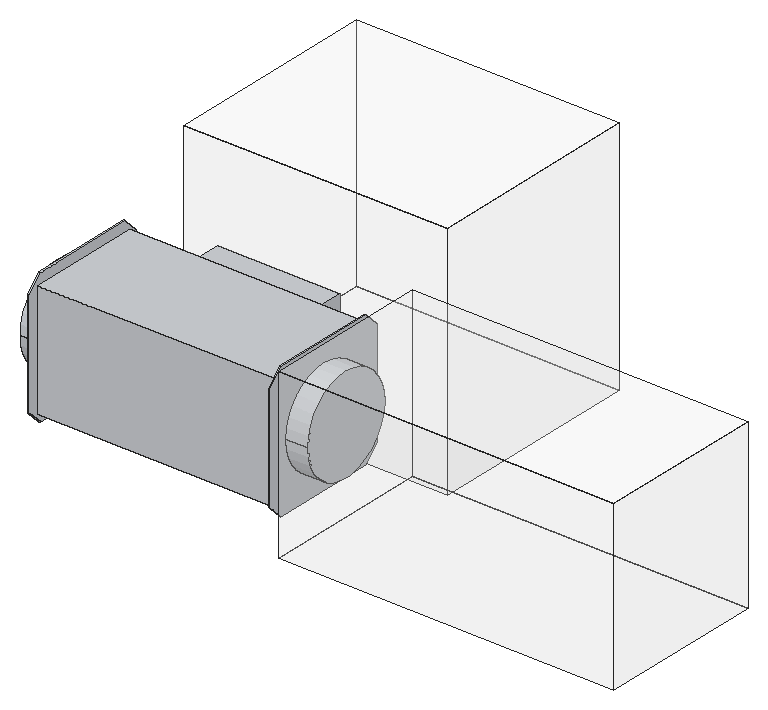
Revit family "140_VAV_変風量ユニット_丸ダクト用", category ダクト付属品, Revit 2021
Family settings
  丸型コネクタ寸法 = 直径を使用
  パーツ タイプ = 割り込み
  OmniClass 番号 = 23.75.70.11.14.14
  OmniClass タイトル = Dampers for Air Ductwork
  作業面ベース = いいえ
  常に垂直 = はい
  ロード時にボイドで切り取り = いいえ
  共有 = いいえ
Parameters (values of type "変風量ユニット_丸ダクト用")
  風量 [instance] = 0.0 m³/h
  風速 = 0.0 m/s
  質量 = 7.00 kg
  製品出荷対象 = ""
  製品リリース年月 = ""
  法定耐用年数 = "15"
  圧力損失 [instance] = 0.0 Pa
  メンテナンススペース [instance] = yes
  メンテ_W [instance] = 700 mm
  メンテ_H [instance] = 350 mm
  メンテ_D [instance] = 350 mm
  VAV長さ [instance] = 550 mm
  既定の高さ = 0 mm
  2D記号 = 記号_変風量ユニット : 1/100
  製品グループ = ""
  耐圧 [instance] = ""
  符号 = "VAV"
  積算_科目 = ""
  積算_拾い区分 [instance] = ""
  built-in parameter 1114242 [instance] = 1
  材質 = ""
  方向2 [instance] = not(方向1)  # no
  方向1 [instance] = yes
  文字 [instance] = ""
  呼称 = "変風量ユニット"
  分類コード = "50059004100020"
  分類グループ = ""
  企業コード = ""
  仕様書バージョン = "Version1.0"
  仕様7 [instance] = ""
  仕様6 [instance] = ""
  仕様5 [instance] = ""
  仕様4 [instance] = ""
  仕様3 [instance] = ""
  仕様2 [instance] = ""
  仕様 [instance] = ""
  ダクト径 [instance] = 200 mm
  本体マテリアル = none
  コメント [instance] = ""
  Width [instance] = 280 mm
  Version = ""
  Uniclass2015Version = "Systems v1.9"
  Uniclass2015Title = "Variable air volume boxes"
  Uniclass2015Code = "Pr_65_65_24_93"
  SpecificationReference = ""
  SpecificationDescription = ""
  Revision = ""
  ProductInformation = ""
  OmniClassCode = "23-33 41 17 13"
  IfcTypeProduct = ""
  IfcProduct = ""
  IfcExportType = "VARIABLEFLOWPRESSUREDEPENDANT"
  IfcExportAs = "IfcAirTerminalBoxType"
  Height [instance] = 280 mm
  Depth = 600 mm
  Author = "Revit User Group Japan"
  2D [instance] = yes
Reference planes
  plane 1 "中心(正面/背面)": y = 0
  plane 2: z = 0
  plane 3 "中心(左/右)": x = 0
  plane 4: y = 140
  plane 5: x = 300
  plane 6: z = 140
  plane 7: z = -140
  plane 8: x = 0
  plane 9: y = -140
  plane 10: x = -300
  plane 11: x = -250
  plane 12: x = 250
  plane 13: y = 120
  plane 14: y = -120
  plane 15: z = 120
  plane 16: z = -120
  plane 17: y = -110
  plane 18: y = 110
  plane 19: z = 110
  plane 20: z = -110
  plane 21: y = -140
Forms (mm)
  Extrusion 1, solid, material <- "本体マテリアル", detail levels medium+fine
    sketch origin (-158.75, 0, 0) x (1, 0, 0) y (0, 1, 0)
      loop
        line (-91.25, 120) -> (-91.25, -120) -> (408.75, -120) -> (408.75, 120) -> (-91.25, 120)
    from -120 to 120
  Extrusion 2, solid, material <- "本体マテリアル", detail levels fine
    sketch origin (0, 0, 0) x (0, 1, 0) y (0, 0, 1)
      loop
        circle (0, 0) r 100
    from -300 to -250
  Extrusion 3, solid, material <- "本体マテリアル", detail levels fine
    sketch origin (0, 0, 0) x (0, 1, 0) y (0, 0, 1)
      loop
        circle (0, 0) r 100
    from 250 to 300
  Extrusion 4, solid, material <- "本体マテリアル", detail levels fine
    sketch origin (0, 0, 0) x (0, 1, 0) y (0, 0, 1)
      loop
        line (110, -140) -> (140, -110) -> (140, 110) -> (110, 140) -> (-110, 140) -> (-140, 110) -> (-140, -110) -> (-110, -140) -> (110, -140)
    from -250 to -252.5
  Extrusion 5, solid, material <- "本体マテリアル", detail levels fine
    sketch origin (0, 0, 0) x (0, 1, 0) y (0, 0, 1)
      loop
        line (110, -140) -> (140, -110) -> (140, 110) -> (110, 140) -> (-110, 140) -> (-140, 110) -> (-140, -110) -> (-110, -140) -> (110, -140)
    from 250 to 252.5
  Extrusion 6, solid
    sketch origin (-11.5, -10, 0) x (1, 0, 0) y (0, 1, 0)
      loop
        line (-168.5, 275) -> (-168.5, 130) -> (86.5, 130) -> (86.5, 275) -> (-168.5, 275)
    from -50 to 50
Lines and regions (mm)
  symbolic lines, visible <- "方向1", detail levels medium+fine
    curve 1: line (-250, 120, 0) -> (250, 0, 0)
    curve 2: line (250, 0, 0) -> (-250, -120, 0)
  symbolic lines, visible <- "方向2", detail levels fine
    curve 3: line (250, 120, 0) -> (-250, 0, 0)
    curve 4: line (-250, 0, 0) -> (250, -120, 0)
  model lines, style "メンテナンススペース", visible <- "メンテナンススペース"
    curve 5: line (-250, 715, 0) -> (300, 265, 0)
    curve 6: line (300, 715, 0) -> (-250, 265, 0)
Dimensions and locks
  equal spacing: plane 6, plane 2, plane 7
  equal spacing: plane 4, plane 1 "中心(正面/背面)", plane 9
  "Width": plane 4 to plane 9
  "Width": plane 7 to plane 6
  equal spacing: plane 10, plane 3 "中心(左/右)", plane 5
  "Depth": plane 10 to plane 5
  locked: plane 12 to plane 5 at 50
  locked: plane 10 to plane 11 at 50
  locked: plane 4 to plane 13 at 20
  locked: plane 9 to plane 14 at 20
  locked: plane 15 to plane 6 at 20
  locked: plane 7 to plane 16 at 20
  locked: plane 4 to plane 18 at 30
  locked: plane 17 to plane 9 at 30
  locked: plane 19 to plane 6 at 30
  locked: plane 7 to plane 20 at 30
  locked: plane 12 to Extrusion 5 at 2.5
  locked: Extrusion 4 to plane 11 at 2.5
  "Height": plane 4 to plane 21
  locked: Extrusion 6 to Extrusion 6 at 255
  "ダクト径": diameter of Extrusion 3 sketch curve
  "ダクト径": diameter of Extrusion 2 sketch curve
  aligned and locked: plane 3 "中心(左/右)" to plane 8
  aligned and locked: Extrusion 2 to plane 10
  aligned and locked: plane 11 to Extrusion 2
  aligned and locked: Extrusion 3 to plane 12
  aligned and locked: Extrusion 1 to plane 15
  aligned and locked: plane 16 to Extrusion 1
  aligned and locked: Extrusion 5 to plane 12
  aligned and locked: Extrusion 4 to plane 11
  aligned and locked: plane 5 to Extrusion 3
  aligned and locked: plane 1 "中心(正面/背面)" to nested 1
  aligned and locked: nested 2 to plane 1 "中心(正面/背面)"
  aligned and locked: nested 2 to plane 8
  aligned and locked: plane 8 to nested 1
Automatic sketch dimensions
  Extrusion 1 sketch curve to plane 11 = 0 mm
  Extrusion 1 sketch curve to plane 12 = 0 mm
  Extrusion 1 sketch curve to plane 14 = 0 mm
  Extrusion 1 sketch curve to plane 13 = 0 mm
  Extrusion 4 sketch curve to plane 9 = 0 mm
  plane 7 to Extrusion 4 sketch curve = 0 mm
  Extrusion 4 sketch curve to plane 17 = 0 mm  (x2)
  plane 6 to Extrusion 4 sketch curve = 0 mm
  Extrusion 4 sketch curve to plane 18 = 0 mm  (x2)
  Extrusion 4 sketch curve to plane 4 = 0 mm
  plane 20 to Extrusion 4 sketch curve = 0 mm  (x2)
  plane 19 to Extrusion 4 sketch curve = 0 mm  (x2)
  Extrusion 5 sketch curve to plane 9 = 0 mm
  plane 7 to Extrusion 5 sketch curve = 0 mm
  Extrusion 5 sketch curve to plane 17 = 0 mm  (x2)
  plane 6 to Extrusion 5 sketch curve = 0 mm
  Extrusion 5 sketch curve to plane 18 = 0 mm  (x2)
  Extrusion 5 sketch curve to plane 4 = 0 mm
  plane 20 to Extrusion 5 sketch curve = 0 mm  (x2)
  plane 19 to Extrusion 5 sketch curve = 0 mm  (x2)
  plane 1 "中心(正面/背面)" to curve 3 = 0 mm
  curve 3 to plane 11 = 0 mm
  curve 2 to plane 11 = 0 mm
  curve 1 to plane 11 = 0 mm
  curve 3 to plane 12 = 0 mm
  plane 1 "中心(正面/背面)" to curve 2 = 0 mm
  curve 2 to plane 12 = 0 mm
  curve 4 to plane 12 = 0 mm
  curve 2 to plane 14 = 0 mm
  plane 14 to curve 4 = 0 mm
  plane 13 to curve 3 = 0 mm
  curve 1 to plane 13 = 0 mm
  Extrusion 2 sketch curve to level = 0 mm
  Extrusion 2 sketch curve to plane 1 "中心(正面/背面)" = 0 mm
  Extrusion 3 sketch curve to level = 0 mm
  Extrusion 3 sketch curve to plane 1 "中心(正面/背面)" = 0 mm
  Extrusion 6 sketch curve to plane 5 = 480 mm
  Extrusion 6 sketch curve to Extrusion 6 sketch curve = 255 mm
  Extrusion 6 sketch curve to plane 4 = 20 mm
  Extrusion 6 sketch curve to Extrusion 6 sketch curve = 145 mm
  curve 6 to plane 5 = 550 mm
  curve 5 to plane 5 = 550 mm
  curve 5 to curve 6 = 550 mm
  plane 4 to curve 5 = 125 mm
  curve 5 to curve 6 = 0 mm
  plane 4 to curve 6 = 125 mm
  curve 5 to curve 6 = 450 mm
  curve 6 to curve 5 = 450 mm
Nested families
  nested 1: "記号_変風量ユニット" at (0, 0, 0), type "1/100", detail levels coarse
  nested 2: "記号_変風量ユニット" at (0, 0, 0) x (-1, 0, 0) z (0, 0, 1), type "1/100", not visible, detail levels coarse
  nested 3: "2D" at (650, 0, 0), visible <- "2D", type "サービススペース"
    with Width 700 mm, Height 350 mm, Depth 350 mm
  nested 4: "メンテナンススペース" at (25, 490, 0), visible <- "メンテナンススペース", type "サービススペース"
    with Width 550 mm, Depth 450 mm
Connectors
  hvac at (300, 0, 0), driven by "ダクト径", driven by "圧力損失", driven by "風量"
    settings: on Extrusion 3, index 3, duct flow 0.0 m³/h, flow factor 0, pres drop 0.0 Pa, loss coef 0, conn angle 0.00°, conn width 304.8 mm, conn height 304.8 mm, conn diameter 200 mm, duct sys type 29, conn prof type 0, flow config 1, flow direction 1, loss method 4, conn ref index 4, conn util no, is conn primary no, conn desc ""
  hvac at (-300, 0, 0), driven by "ダクト径", driven by "圧力損失", driven by "風量"
    settings: on Extrusion 2, index 4, duct flow 0.0 m³/h, flow factor 0, pres drop 0.0 Pa, loss coef 0, conn angle 0.00°, conn width 304.8 mm, conn height 304.8 mm, conn diameter 200 mm, duct sys type 29, conn prof type 0, flow config 1, flow direction 2, loss method 4, conn ref index 3, conn util no, is conn primary yes, conn desc ""
Definition of nested family "2D"
  Parameters (values of type "サービススペース")
    Default Elevation = 0 mm
    Width = 500 mm
    Height = 500 mm
    Depth = 500 mm
  Reference planes
    plane 1 "中心(正面/背面)": y = 0
    plane 2: z = 0
    plane 3 "中心(左/右)": x = 0
    plane 4: y = -250
    plane 5: x = 250
    plane 6: y = 250
    plane 7: x = -250
    plane 8: z = 250
    plane 9: z = -250
  Forms (mm)
    Extrusion 1, solid
      sketch origin (-638.939, 0, 72.39) x (1, 0, 0) y (0, 1, 0)
        loop
          line (388.939, 250) -> (388.939, -250) -> (888.939, -250) -> (888.939, 250) -> (388.939, 250)
      from -322.39 to 177.61
  Lines and regions (mm)
    symbolic lines
      curve 1: line (-250, 0, 250) -> (250, 0, 250)
      curve 2: line (-250, 0, -250) -> (-250, 0, 250)
      curve 3: line (250, 0, -250) -> (-250, 0, -250)
      curve 4: line (250, 0, 250) -> (250, 0, -250)
      curve 5: line (0, -250, 250) -> (0, 250, 250)
      curve 6: line (0, -250, -250) -> (0, -250, 250)
      curve 7: line (0, 250, -250) -> (0, -250, -250)
      curve 8: line (0, 250, 250) -> (0, 250, -250)
      curve 9: line (-250, 250, 0) -> (250, 250, 0)
      curve 10: line (-250, -250, 0) -> (-250, 250, 0)
      curve 11: line (250, -250, 0) -> (-250, -250, 0)
      curve 12: line (250, 250, 0) -> (250, -250, 0)
  Dimensions and locks
    equal spacing: plane 7, plane 3 "中心(左/右)", plane 5
    equal spacing: plane 4, plane 1 "中心(正面/背面)", plane 6
    "Depth": plane 4 to plane 6
    "Width": plane 7 to plane 5
    equal spacing: plane 8, plane 2, plane 9
    "Height": plane 8 to plane 9
    aligned and locked: plane 9 to curve 3
    aligned and locked: plane 7 to curve 2
    aligned and locked: curve 4 to plane 5
    aligned and locked: plane 5 to Extrusion 1
    aligned and locked: Extrusion 1 to plane 7
    aligned and locked: Extrusion 1 to plane 9
    aligned and locked: plane 8 to Extrusion 1
    aligned and locked: plane 9 to curve 7
  Automatic sketch dimensions
    plane 4 to Extrusion 1 sketch curve = 0 mm
    Extrusion 1 sketch curve to plane 7 = 0 mm
    Extrusion 1 sketch curve to plane 5 = 0 mm
    plane 6 to Extrusion 1 sketch curve = 0 mm
    curve 2 to plane 8 = 0 mm
    plane 4 to curve 11 = 0 mm
    curve 11 to plane 7 = 0 mm
    curve 11 to plane 5 = 0 mm
    plane 6 to curve 10 = 0 mm
    curve 7 to plane 4 = 0 mm
    curve 7 to plane 6 = 0 mm
    curve 6 to plane 8 = 0 mm
Definition of nested family "メンテナンススペース"
  Parameters (values of type "サービススペース")
    Default Elevation = 0 mm
    Width = 500 mm
    Height = 500 mm
    Depth = 500 mm
  Reference planes
    plane 1 "中心(正面/背面)": y = 0
    plane 2: z = 0
    plane 3 "中心(左/右)": x = 0
    plane 4: y = -250
    plane 5: x = 250
    plane 6: y = 250
    plane 7: x = -250
    plane 8: z = 250
    plane 9: z = -250
  Forms (mm)
    Extrusion 1, solid
      sketch origin (-638.939, 0, 72.39) x (1, 0, 0) y (0, 1, 0)
        loop
          line (388.939, 250) -> (388.939, -250) -> (888.939, -250) -> (888.939, 250) -> (388.939, 250)
      from -322.39 to 177.61
  Lines and regions (mm)
    symbolic lines
      curve 1: line (-250, 0, 250) -> (250, 0, 250)
      curve 2: line (-250, 0, -250) -> (-250, 0, 250)
      curve 3: line (250, 0, -250) -> (-250, 0, -250)
      curve 4: line (250, 0, 250) -> (250, 0, -250)
      curve 5: line (0, -250, 250) -> (0, 250, 250)
      curve 6: line (0, -250, -250) -> (0, -250, 250)
      curve 7: line (0, 250, -250) -> (0, -250, -250)
      curve 8: line (0, 250, 250) -> (0, 250, -250)
      curve 9: line (-250, 250, 0) -> (250, 250, 0)
      curve 10: line (-250, -250, 0) -> (-250, 250, 0)
      curve 11: line (250, -250, 0) -> (-250, -250, 0)
      curve 12: line (250, 250, 0) -> (250, -250, 0)
  Dimensions and locks
    equal spacing: plane 7, plane 3 "中心(左/右)", plane 5
    equal spacing: plane 4, plane 1 "中心(正面/背面)", plane 6
    "Depth": plane 4 to plane 6
    "Width": plane 7 to plane 5
    equal spacing: plane 8, plane 2, plane 9
    "Height": plane 8 to plane 9
    aligned and locked: plane 9 to curve 3
    aligned and locked: plane 7 to curve 2
    aligned and locked: curve 4 to plane 5
    aligned and locked: plane 5 to Extrusion 1
    aligned and locked: Extrusion 1 to plane 7
    aligned and locked: Extrusion 1 to plane 9
    aligned and locked: plane 8 to Extrusion 1
    aligned and locked: plane 9 to curve 7
  Automatic sketch dimensions
    plane 4 to Extrusion 1 sketch curve = 0 mm
    Extrusion 1 sketch curve to plane 7 = 0 mm
    Extrusion 1 sketch curve to plane 5 = 0 mm
    plane 6 to Extrusion 1 sketch curve = 0 mm
    curve 2 to plane 8 = 0 mm
    plane 4 to curve 11 = 0 mm
    curve 11 to plane 7 = 0 mm
    curve 11 to plane 5 = 0 mm
    plane 6 to curve 10 = 0 mm
    curve 7 to plane 4 = 0 mm
    curve 7 to plane 6 = 0 mm
    curve 6 to plane 8 = 0 mm
Definition of nested family "記号_変風量ユニット"
  Parameters
    倍率 = 1
    W = 5 mm * 倍率  # 5 mm
    D = 3 mm * 倍率  # 3 mm
  Reference planes
    plane 1: y = 0
    plane 2: x = 0
  Lines and regions (mm)
    Filled region 1, type "塗り潰し領域"
      outline origin (0, 0, 0) x (1, 0, 0) y (0, 1, 0)
        loop
          line (-2.5, -1.5) -> (2.5, 0) -> (-2.5, 1.5) -> (-2.5, -1.5)
    detail lines
      curve 1: line (-2.5, 1.5, 0) -> (2.5, 1.5, 0)
      curve 2: line (-2.5, -1.5, 0) -> (-2.5, 1.5, 0)
      curve 3: line (2.5, -1.5, 0) -> (-2.5, -1.5, 0)
      curve 4: line (2.5, 1.5, 0) -> (2.5, -1.5, 0)
      curve 5: line (-2.5, 1.5, 0) -> (2.5, 0, 0)
      curve 6: line (-2.5, -1.5, 0) -> (2.5, 0, 0)
    reference lines
      curve 7: line (-2.5, -4.77, 0) -> (-2.5, 4.892, 0)
      curve 8: line (2.5, 4.892, 0) -> (2.5, -4.77, 0)
      curve 9: line (-4.482, 1.5, 0) -> (4.48, 1.5, 0)
      curve 10: line (4.48, -1.5, 0) -> (-4.482, -1.5, 0)
  Dimensions and locks
    equal spacing: curve 10, plane 1, curve 9
    "D": curve 9 to curve 10
    equal spacing: curve 7, plane 2, curve 8
    "W": curve 7 to curve 8
    aligned and locked: curve 9 to curve 1
    aligned and locked: curve 10 to curve 3
    aligned and locked: curve 7 to curve 2
    aligned and locked: curve 8 to curve 4
    aligned and locked: curve 2 to Filled region 1 sketch curve
    aligned and locked: Filled region 1 sketch curve to curve 5
    aligned and locked: Filled region 1 sketch curve to curve 6
  Automatic sketch dimensions
    plane 1 to curve 5 = 0 mm
    curve 9 to curve 7 = 1.982 mm
    curve 10 to curve 9 = 0 mm
    curve 8 to curve 10 = 1.98 mm
    curve 9 to curve 10 = 0 mm
    curve 7 to curve 10 = 3.27 mm
    curve 8 to curve 10 = 3.27 mm
    curve 9 to curve 8 = 3.392 mm
    curve 9 to curve 7 = 3.392 mm
